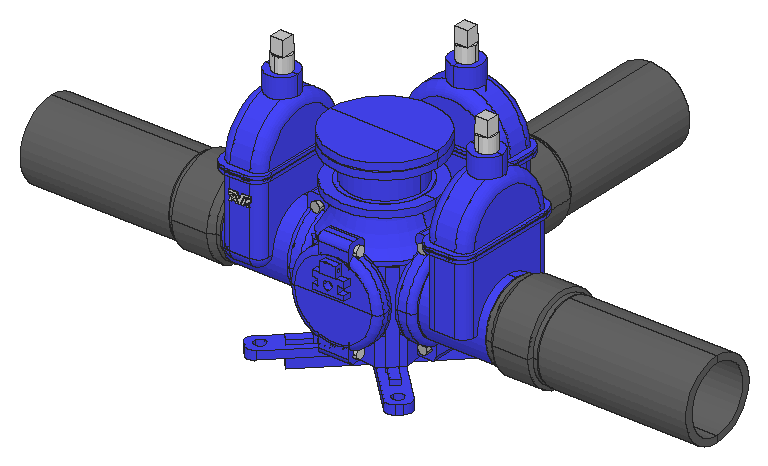
Revit family "18-01-010 DN150 Combicross with BL_CAP_D180", category Pipe Accessories, Revit 2022
Family settings
  Round Connector Dimension = Use Diameter
  Part Type = Valve - Breaks Into
  Work Plane-Based = No
  Always vertical = Yes
  Cut with Voids When Loaded = No
  Shared = No
Parameters (values of type "DN150_With BL_CAP_D180")
  test = 100 mm  # constant formula
  URL_product_pages = "https://www.avkvalves.com/P.aspx?no=1815001DDD894764"
  Search_table = "18-01-010 DN150 Combicross with BL_CAP_D180"
  Rib_dim2 = 510 mm * 0.04  # 20.4 mm
  Rib_dim1 = 55 mm * 0.2  # 11 mm
  Raised_dis = size_lookup(Search_table, "Raised_dis", 0 mm, DN)  # 3 mm
  Rib_dim3 = PCD * 0.45  # 180 mm
  PCD = 510 mm - 110 mm  # 400 mm
  L3 = size_lookup(Search_table, "L3", 0 mm, DN)  # 956 mm
  L = size_lookup(Search_table, "L", 0 mm, DN) / 2  # 770.5 mm
  Hole_dia = 26 mm / 2  # 13 mm
  H3-H1 = H3 - H1  # 401 mm
  H3 = size_lookup(Search_table, "H3", 0 mm, DN)  # 591 mm
  H1 = size_lookup(Search_table, "H1", 0 mm, DN)  # 190 mm
  FL_T = size_lookup(Search_table, "FL_T", 0 mm, DN)  # 16 mm
  Description_ = "COMBI-CROSS, PE PIPE ENDS, PN16"
  Default Elevation = 0 mm
  DN150_With BL_CAP_D180 = "18-150-01-DDD894764"
  DN = 150 mm
  Conn.3 = size_lookup(Search_table, "Conn.3", 0 mm, DN)  # 180 mm
  Conn.2 = size_lookup(Search_table, "Conn.2", 0 mm, DN)  # 180 mm
  Conn.1 = size_lookup(Search_table, "Conn.1", 0 mm, DN)  # 180 mm
  L4 = size_lookup(Search_table, "L4", 0 mm, DN)  # 344 mm
  Centre_Flange_OD = size_lookup(Search_table, "Centre_Flange_OD", 0 mm, DN) / 2  # 110 mm
  Centre_Bnt_H = size_lookup(Search_table, "Centre_Bnt_H", 0 mm, DN)  # 85 mm
  Centre_dis = size_lookup(Search_table, "Centre_dis", 0 mm, DN) / 2  # 125 mm
  Centre_B_H = size_lookup(Search_table, "Centre_B_H", 0 mm, DN)  # 188 mm
  C_to_connection = size_lookup(Search_table, "C_to_connection", 0 mm, DN)  # 125 mm
  C_FL_D = size_lookup(Search_table, "C_FL_D", 0 mm, DN) / 2  # 120 mm
  C_Bnt_OD = Bore * 1.25  # 93.75 mm
  Bore = DN / 2  # 75 mm
  Body_T = size_lookup(Search_table, "Body_T", 0 mm, DN)  # 9 mm
  Bnt_RR = Centre_dis * 0.85  # 106.25 mm
  55/2 = 55 mm / 2  # 27.5 mm
  510 = 510 mm / 2  # 255 mm
  35 = 35 mm  # constant formula
  320 = 320 mm / 2  # 160 mm
  30 = 30 mm  # constant formula
  20 = 20 mm  # constant formula
  2 = 2 mm  # constant formula
  185 = 185 mm  # constant formula
  15 = 15 mm  # constant formula
  10 = 10 mm  # constant formula
  1 = 150 mm  # constant formula
Reference planes
  plane 1 "Center (Front/Back)": y = 0
  plane 2: z = 0
  plane 3 "Center (Left/Right)": x = 0
  plane 4: through (0, 0, 1200) normal (-0.7071, 0.7071, 0)
  plane 5: through (0, 0, 1200) normal (-0.7071, -0.7071, 0)
  plane 6: z = 75
  plane 7: z = -75
  plane 8: z = 188
  plane 9: z = 172
  plane 10: x = -75
  plane 11: x = 75
  plane 12: x = -125
  plane 13: x = 125
  plane 14: z = 273
  plane 15: z = 270
  plane 16: z = 289
  plane 17: z = 401
  plane 18: x = -125
  plane 19: x = 125
  plane 20: y = 125
  plane 21: y = -125
  plane 22: through (124.616, -485.241, 1200) normal (0.7071, 0.7071, 0)
  plane 23: z = -190
  plane 24: z = -160
  plane 25: through (-593.135, 232.511, 1200) normal (0.7071, 0.7071, 0)
  plane 26: y = -75
  plane 27: x = -75
  plane 28: through (-126.931, 487.555, 1200) normal (0.7071, 0.7071, 0)
  plane 29: through (-400.771, -40.147, 1200) normal (-0.7071, 0.7071, 0)
  plane 30: through (-24.107, -384.732, 1200) normal (-0.7071, 0.7071, 0)
  plane 31: through (58.234, 97.33, 1200) normal (0.7071, 0.7071, 0)
  plane 32: through (-97.33, -58.234, 1200) normal (0.7071, 0.7071, 0)
  plane 33: through (58.234, -97.33, 1200) normal (-0.7071, 0.7071, 0)
  plane 34: through (-97.33, 58.234, 1200) normal (-0.7071, 0.7071, 0)
  plane 35: x = -770.5
  plane 36: x = 770.5
  plane 37: x = -426.5
  plane 38: z = -190
  plane 39: y = 770.5
  plane 40: y = -185.5
Forms (mm)
  Revolve 1, solid, material "Laminate, Blue, Matte"
    sketch origin (0, 0, -71.799) x (1, 0, 0) y (0, 0, 1)
      loop
        line (-125, 155.799) -> (-125, 146.799) -> (-75, 146.799) -> (-75, 243.799) -> (-84, 243.799)
        arc (-84, 243.799) -> (-96.418, 196.034) -> (-125, 155.799) r 136.586
      axis (0, 243.799) -> (0, 146.799)
    angle from 0 to 360
  Revolve 2, solid, material "Laminate, Blue, Matte"
    sketch origin (0, 0, 0) x (1, 0, 0) y (0, 0, 1)
      loop
        line (125, 270) -> (106.25, 270) -> (106.25, 273) -> (75, 273) -> (75, 188) -> (84, 188) -> (84, 254) -> (125, 254) -> (125, 270)
      axis (0, 273) -> (0, 188)
    angle from 0 to 360
  Extrusion 3, solid, material "Laminate, Blue, Matte"
    sketch origin (-442.62, -1524, 188) x (-1, 0, 0) y (0, -1, 0)
      loop
        circle (-442.62, -1524) r 93.75
      loop
        circle (-442.62, -1524) r 75
    from 0 to -16
  Revolve 4, solid, material "Laminate, Blue, Matte"
    sketch origin (0, 0, 0) x (1, 0, 0) y (0, 0, 1)
      loop
        line (-125, 289) -> (-125, 273) -> (0, 273) -> (0, 289) -> (-125, 289)
      axis (0, 273) -> (0, 289)
    angle from 0 to 360
  Revolve 5, solid, material "Laminate, Blue, Matte"
    sketch origin (0, 0, 0) x (1, 0, 0) y (0, 0, 1)
      loop
        line (0, 75) -> (-125, 75) -> (-125, -64)
        arc (-125, -64) -> (-119.142, -78.142) -> (-105, -84) r 20
        line (-105, -84) -> (0, -84) -> (0, 75)
      axis (0, 75) -> (0, -84)
    angle from 0 to 360
  Revolve 6, solid, material "Laminate, Blue, Matte"
    sketch origin (0, 0, 0) x (1, 0, 0) y (0, 0, 1)
      loop
        line (-120, 188) -> (-120, 172) -> (0, 172) -> (0, 188) -> (-120, 188)
      axis (0, 188) -> (0, 172)
    angle from 0 to 360
  Extrusion 7, solid, material "Laminate, Blue, Matte"
    sketch origin (0, 0, 0) x (1, 0, 0) y (0, 0, 1)
      loop
        circle (0, 0) r 75
    from -125 to 125
  Extrusion 8, solid, material "Laminate, Blue, Matte"
    sketch origin (0, 0, 0) x (0, 1, 0) y (0, 0, 1)
      loop
        circle (0, 0) r 75
    from -125 to 125
  Extrusion 9, solid, material "Laminate, Blue, Matte"
    sketch origin (-49.134, 0, 0) x (1, 0, 0) y (0, 1, 0)
      loop
        line (-136.481, -175.009) -> (-125.875, -185.616)
        arc (-125.875, -185.616) -> (-111.733, -191.473) -> (-97.59, -185.616) r 20
        line (-97.59, -185.616) -> (49.134, -38.891) -> (195.859, -185.616)
        arc (195.859, -185.616) -> (210.001, -191.473) -> (224.143, -185.616) r 20
        line (224.143, -185.616) -> (234.75, -175.009)
        arc (234.75, -175.009) -> (240.608, -160.867) -> (234.75, -146.725) r 20
        line (234.75, -146.725) -> (88.025, 0) -> (234.75, 146.725)
        arc (234.75, 146.725) -> (240.608, 160.867) -> (234.75, 175.009) r 20
        line (234.75, 175.009) -> (224.143, 185.616)
        arc (224.143, 185.616) -> (210.001, 191.473) -> (195.859, 185.616) r 20
        line (195.859, 185.616) -> (49.134, 38.891) -> (-97.59, 185.616)
        arc (-97.59, 185.616) -> (-111.733, 191.473) -> (-125.875, 185.616) r 20
        line (-125.875, 185.616) -> (-136.481, 175.009)
        arc (-136.481, 175.009) -> (-142.339, 160.867) -> (-136.481, 146.725) r 20
        line (-136.481, 146.725) -> (10.243, 0) -> (-136.481, -146.725)
        arc (-136.481, -146.725) -> (-142.339, -160.867) -> (-136.481, -175.009) r 20
      loop
        circle (-110.866, -160) r 13
      loop
        circle (209.134, 160) r 13
      loop
        circle (209.134, -160) r 13
      loop
        circle (-110.866, 160) r 13
    from -140 to -160
  Extrusion 10, solid, material "Laminate, Blue, Matte"
    sketch origin (-49.134, 0, 0) x (1, 0, 0) y (0, 1, 0)
      loop
        arc (-14.397, 105.957) -> (-38.375, 87.56) -> (-57.238, 63.946) r 125
        arc (-57.238, 63.946) -> (-51.47, 0.031) -> (-57.181, -63.889) r 358.772
        arc (-57.181, -63.889) -> (-38.3, -87.489) -> (-14.306, -105.867) r 125
        arc (-14.306, -105.867) -> (49.049, -99.923) -> (112.418, -105.711) r 345.161
        arc (112.418, -105.711) -> (136.834, -87.871) -> (156.251, -64.69) r 125
        arc (156.251, -64.69) -> (148.979, -0.039) -> (156.18, 64.619) r 292.468
        arc (156.18, 64.619) -> (137.545, 88.412) -> (113.745, 107.038) r 125
        arc (113.745, 107.038) -> (49.784, 93.453) -> (-14.397, 105.957) r 163.88
    from -135 to 0
  Extrusion 11, solid, material "Laminate, Blue, Matte"
    sketch origin (-49.134, 0, 0) x (1, 0, 0) y (0, 1, 0)
      loop
        line (49.134, 14.142) -> (-71.074, 134.35) -> (-85.216, 120.208) -> (34.992, 0) -> (-85.216, -120.208) -> (-71.074, -134.35) -> (49.134, -14.142) -> (169.342, -134.35) -> (183.484, -120.208) -> (63.276, 0) -> (183.484, 120.208) -> (169.342, 134.35) -> (49.134, 14.142)
    from -130 to -190
  Extrusion 12, solid, material "Laminate, Blue, Matte"
    sketch origin (-49.134, 0, 0) x (1, 0, 0) y (0, 1, 0)
      loop
        line (104.713, 71.135) -> (120.269, 55.579) -> (149.119, 84.429) -> (133.563, 99.985) -> (104.713, 71.135)
      loop
        line (-50.851, -84.429) -> (-35.294, -99.985) -> (-6.444, -71.135) -> (-22.001, -55.579) -> (-50.851, -84.429)
      loop
        line (149.119, -84.429) -> (120.269, -55.579) -> (104.713, -71.135) -> (133.563, -99.985) -> (149.119, -84.429)
      loop
        line (-6.444, 71.135) -> (-35.294, 99.985) -> (-50.851, 84.429) -> (-22.001, 55.579) -> (-6.444, 71.135)
    from -160 to 75
  Revolve 13, solid, material "Laminate, Blue, Matte"
    sketch origin (-49.134, 0, 0) x (1, 0, 0) y (0, 1, 0)
      loop
        line (49.134, -102.565) -> (49.134, -147.435) -> (138.134, -147.435)
        arc (138.134, -147.435) -> (148.741, -143.042) -> (153.134, -132.435) r 15
        line (153.134, -132.435) -> (153.134, -117.565)
        arc (153.134, -117.565) -> (148.741, -106.958) -> (138.134, -102.565) r 15
        line (138.134, -102.565) -> (49.134, -102.565)
      axis (49.134, -102.565) -> (49.134, -147.435)
    angle from 0 to 360
  Extrusion 14, solid, material "Laminate, Blue, Matte"
    sketch origin (0, 0, 0) x (0, 1, 0) y (0, 0, 1)
      loop
        line (-147.217, 75) -> (-102.217, 75) -> (-102.217, 111)
        arc (-102.217, 111) -> (-106.611, 121.607) -> (-117.217, 126) r 15
        line (-117.217, 126) -> (-132.217, 126)
        arc (-132.217, 126) -> (-142.824, 121.607) -> (-147.217, 111) r 15
        line (-147.217, 111) -> (-147.217, 75)
      loop
        line (-147.217, -75) -> (-147.217, -111)
        arc (-147.217, -111) -> (-142.824, -121.607) -> (-132.217, -126) r 15
        line (-132.217, -126) -> (-117.217, -126)
        arc (-117.217, -126) -> (-106.611, -121.607) -> (-102.217, -111) r 15
        line (-102.217, -111) -> (-102.217, -75) -> (-147.217, -75)
    from -35 to 35
  Extrusion 15, solid, material "Default New Material(1)"
    sketch origin (0, 0, 0) x (0, 1, 0) y (0, 0, 1)
      loop
        circle (-125.169, 105.693) r 11
      loop
        circle (-125.169, -105.693) r 11
    from -45 to 45
  Extrusion 16, solid, material "Laminate, Blue, Matte"
    sketch origin (0, 0, 0) x (1, 0, 0) y (0, 0, 1)
      loop
        line (-36.926, 57.003) -> (-36.926, 43.223) -> (-23.245, 43.223) -> (-23.245, 28.223) -> (-36.926, 28.223) -> (-36.926, 17.003) -> (36.926, 17.003) -> (36.926, 28.223) -> (23.245, 28.223) -> (23.245, 43.223) -> (36.926, 43.223) -> (36.926, 57.003) -> (-36.926, 57.003)
      loop
        circle (0, 36.333) r 10
    from 147.217 to 162.277
  Extrusion 17, solid, material "Laminate, Blue, Matte"
    sketch origin (0, 0, 0) x (0, 1, 0) y (0, 0, 1)
      loop
        line (-147.717, 57.003) -> (-147.717, 82.003) -> (-162.717, 82.003) -> (-162.717, 57.003) -> (-147.717, 57.003)
      loop
        circle (-155.536, 70.575) r 5
    from -18.224 to 18.224
Dimensions and locks
  equal spacing: plane 6, level, plane 7
  "Bore": plane 6 to level
  "Centre_B_H": plane 8 to level
  "FL_T": plane 8 to plane 9
  equal spacing: plane 11, plane 3 "Center (Left/Right)", plane 10
  "Bore": plane 3 "Center (Left/Right)" to plane 10
  "Body_T": plane 10 to Revolve 1 sketch curve
  equal spacing: plane 13, plane 3 "Center (Left/Right)", plane 12
  "Centre_dis": plane 3 "Center (Left/Right)" to plane 12
  "Centre_Bnt_H": plane 8 to plane 14
  "Raised_dis": Revolve 2 sketch curve to plane 14
  "Body_T": Revolve 2 sketch curve to plane 11
  "Raised_dis": plane 15 to plane 14
  "FL_T": Revolve 2 sketch curve to plane 15
  "Bnt_RR": Revolve 2 sketch curve to plane 3 "Center (Left/Right)"
  equal spacing: Extrusion 3 sketch curve, plane 3 "Center (Left/Right)", Extrusion 3 sketch curve  (x2)
  equal spacing: Extrusion 3 sketch curve, plane 1 "Center (Front/Back)", Extrusion 3 sketch curve  (x2)
  "FL_T": plane 16 to plane 14
  "H3-H1": plane 17 to level
  "Body_T": plane 7 to Revolve 5 sketch curve
  "C_FL_D": plane 3 "Center (Left/Right)" to Revolve 6 sketch curve
  equal spacing: Extrusion 7 sketch curve, plane 3 "Center (Left/Right)", Extrusion 7 sketch curve
  equal spacing: Extrusion 7 sketch curve, level, Extrusion 7 sketch curve
  equal spacing: Extrusion 7, plane 1 "Center (Front/Back)", Extrusion 7
  "C_to_connection": Extrusion 7 to plane 1 "Center (Front/Back)"
  equal spacing: plane 19, plane 3 "Center (Left/Right)", plane 18
  "C_to_connection": plane 3 "Center (Left/Right)" to plane 18
  equal spacing: Extrusion 8 sketch curve, plane 1 "Center (Front/Back)", Extrusion 8 sketch curve
  equal spacing: Extrusion 8 sketch curve, level, Extrusion 8 sketch curve
  equal spacing: Extrusion 8, plane 3 "Center (Left/Right)", Extrusion 8
  equal spacing: plane 20, plane 1 "Center (Front/Back)", plane 21
  "C_to_connection": plane 20 to plane 1 "Center (Front/Back)"
  equal spacing: Extrusion 9 sketch curve, plane 4, Extrusion 9 sketch curve
  "55/2": Extrusion 9 sketch curve to plane 4
  "510": plane 5 to Extrusion 9 sketch curve
  "510": plane 5 to plane 22
  "H1": level to plane 23
  "30": Extrusion 9 to plane 23
  "30": plane 24 to plane 23
  "20": Extrusion 9 to plane 24
  "510": plane 5 to plane 25
  "510": plane 28 to plane 5
  Extrusion 9 sketch curve to Extrusion 9 sketch curve = 55 mm
  "510": plane 29 to plane 4
  "510": plane 4 to plane 30
  "Body_T": Revolve 1 sketch curve to plane 6
  "Centre_Flange_OD": plane 31 to plane 5
  equal spacing: Extrusion 12 sketch curve, plane 4, Extrusion 12 sketch curve  (x2)
  "Rib_dim2": plane 31 to Extrusion 12 sketch curve
  "Rib_dim2": Extrusion 12 sketch curve to plane 31
  "Rib_dim1": Extrusion 12 sketch curve to plane 4
  equal spacing: Extrusion 12 sketch curve, plane 5, Extrusion 12 sketch curve  (x2)
  "Rib_dim2": Extrusion 12 sketch curve to plane 32
  "Rib_dim2": plane 33 to Extrusion 12 sketch curve
  "Rib_dim2": Extrusion 12 sketch curve to plane 33
  "Rib_dim2": plane 34 to Extrusion 12 sketch curve
  "Rib_dim1": Extrusion 12 sketch curve to plane 5
  "Rib_dim1": plane 5 to Extrusion 12 sketch curve
  equal spacing: Extrusion 9 sketch curve, plane 5, Extrusion 9 sketch curve
  "320": Extrusion 9 sketch curve to plane 3 "Center (Left/Right)"  (x2)
  "320": plane 3 "Center (Left/Right)" to Extrusion 9 sketch curve  (x2)
  equal spacing: Extrusion 11 sketch curve, plane 4, Extrusion 11 sketch curve  (x2)
  equal spacing: Extrusion 11 sketch curve, plane 5, Extrusion 11 sketch curve  (x2)
  "10": Extrusion 11 sketch curve to plane 5
  "10": plane 4 to Extrusion 11 sketch curve
  "Rib_dim3": Extrusion 11 sketch curve to plane 5
  "Rib_dim3": Extrusion 11 sketch curve to plane 4
  equal spacing: Extrusion 10 sketch curve, plane 5, Extrusion 10 sketch curve  (x2)
  "30": plane 5 to Extrusion 10 sketch curve
  equal spacing: Extrusion 10 sketch curve, plane 4, Extrusion 10 sketch curve  (x2)
  "30": Extrusion 10 sketch curve to plane 5
  "30": plane 4 to Extrusion 10 sketch curve  (x2)
  "L": plane 3 "Center (Left/Right)" to plane 35
  "L": plane 3 "Center (Left/Right)" to plane 36
  "L4": plane 35 to plane 37
  "H1": level to plane 38
  "30": Extrusion 11 to plane 24
  plane 17 to plane 38 = 591 mm
  plane 35 to plane 36 = 1541 mm
  "L": plane 1 "Center (Front/Back)" to plane 39
  "L3": plane 39 to plane 40
  equal spacing: Revolve 13 sketch curve, plane 21, Revolve 13 sketch curve
  equal spacing: Extrusion 16 sketch curve, plane 3 "Center (Left/Right)", Extrusion 16 sketch curve  (x2)
  equal spacing: Extrusion 17, plane 3 "Center (Left/Right)", Extrusion 17
  "Bore": radius of Extrusion 3 sketch curve
  "C_Bnt_OD": radius of Extrusion 3 sketch curve
  "Bore": radius of Extrusion 7 sketch curve
  "Bore": radius of Extrusion 8 sketch curve
  "Hole_dia": radius of Extrusion 9 sketch curve  (x4)
  "20": radius of Extrusion 9 sketch curve  (x8)
  "Centre_dis": radius of Extrusion 10 sketch curve  (x4)
  aligned and locked: level to plane 2
  aligned and locked: Revolve 1 sketch curve to plane 3 "Center (Left/Right)"
  aligned and locked: Revolve 1 sketch curve to plane 6
  aligned and locked: plane 10 to Revolve 1 sketch curve
  aligned and locked: plane 9 to Revolve 1 sketch curve
  aligned and locked: Revolve 1 sketch curve to plane 12
  aligned and locked: Revolve 2 sketch curve to plane 3 "Center (Left/Right)"
  aligned and locked: plane 8 to Revolve 2 sketch curve
  aligned and locked: Revolve 2 sketch curve to plane 11
  aligned and locked: plane 14 to Revolve 2 sketch curve
  aligned and locked: plane 13 to Revolve 2 sketch curve
  aligned and locked: plane 8 to Extrusion 3
  aligned and locked: Extrusion 3 to plane 9
  aligned and locked: plane 16 to Revolve 4 sketch curve
  aligned and locked: plane 12 to Revolve 4 sketch curve
  aligned and locked: plane 14 to Revolve 4 sketch curve
  aligned and locked: Revolve 4 sketch curve to plane 3 "Center (Left/Right)"
  aligned and locked: Revolve 4 sketch curve to plane 16
  aligned and locked: plane 3 "Center (Left/Right)" to Revolve 5 sketch curve
  aligned and locked: plane 6 to Revolve 5 sketch curve
  aligned and locked: Revolve 5 sketch curve to plane 3 "Center (Left/Right)"
  aligned and locked: Revolve 6 sketch curve to plane 3 "Center (Left/Right)"  (x2)
  aligned and locked: Revolve 6 sketch curve to plane 8
  aligned and locked: plane 9 to Revolve 6 sketch curve
  aligned and locked: Extrusion 8 to plane 18
  aligned and locked: Extrusion 9 sketch curve to plane 22
  aligned and locked: level to Extrusion 10
  aligned and locked: Extrusion 9 sketch curve to plane 28
  aligned and locked: Extrusion 9 sketch curve to Extrusion 9 sketch curve  (x2)
  aligned and locked: plane 30 to Extrusion 9 sketch curve
  aligned and locked: Extrusion 9 sketch curve to plane 29
  aligned and locked: Extrusion 11 sketch curve to Extrusion 11 sketch curve  (x4)
  aligned and locked: Extrusion 12 sketch curve to Extrusion 12 sketch curve  (x4)
  aligned and locked: Extrusion 12 to plane 24
  aligned and locked: plane 6 to Extrusion 12
  aligned and locked: plane 18 to nested 1
  aligned and locked: plane 20 to nested 2
  aligned and locked: Extrusion 11 to plane 38
  aligned and locked: Revolve 13 sketch curve to plane 3 "Center (Left/Right)"
  aligned and locked: nested 2 to Extrusion 14 sketch curve
  aligned and locked: Extrusion 14 to nested 2
  aligned and locked: nested 2 to Extrusion 14
  aligned and locked: Extrusion 15 to nested 2  (x2)
  aligned and locked: Extrusion 16 sketch curve to Extrusion 16 sketch curve  (x2)
  aligned and locked: Extrusion 14 to Extrusion 16
  aligned and locked: Extrusion 16 to Extrusion 17 sketch curve
  aligned and locked: nested 3 to plane 1 "Center (Front/Back)"
  aligned and locked: nested 3 to plane 19
Automatic sketch dimensions
  Revolve 4 sketch curve to plane 3 "Center (Left/Right)" = 0 mm
  plane 16 to Revolve 4 sketch curve = 85 mm
  Revolve 13 sketch curve to plane 3 "Center (Left/Right)" = 0 mm
  plane 11 to Revolve 13 sketch curve = 14 mm  (x2)
  Revolve 13 sketch curve to plane 21 = 7.435 mm
  Revolve 13 sketch curve to plane 40 = 40 mm
  Revolve 13 sketch curve to Revolve 13 sketch curve = 40 mm
  Revolve 13 sketch curve to Revolve 13 sketch curve = 15 mm
  Extrusion 14 sketch curve to plane 6 = 0 mm
  Extrusion 14 sketch curve to plane 7 = 0 mm
  plane 21 to Extrusion 14 sketch curve = 22.217 mm  (x2)
  plane 21 to Extrusion 14 sketch curve = 7.217 mm  (x2)
  Extrusion 14 sketch curve to plane 21 = 7.783 mm  (x3)
  Extrusion 14 sketch curve to Extrusion 14 sketch curve = 15 mm
  Extrusion 14 sketch curve to plane 21 = 22.783 mm
  Extrusion 14 sketch curve to Extrusion 14 sketch curve = 36 mm
  plane 21 to Extrusion 15 sketch curve = 0.169 mm  (x2)
  Extrusion 15 sketch curve to plane 7 = 30.693 mm
  plane 6 to Extrusion 15 sketch curve = 30.693 mm
  Extrusion 16 sketch curve to plane 3 "Center (Left/Right)" = 0 mm
  Extrusion 16 sketch curve to plane 3 "Center (Left/Right)" = 23.245 mm
  Extrusion 16 sketch curve to Extrusion 16 sketch curve = 13.681 mm
  level to Extrusion 16 sketch curve = 17.003 mm
  Extrusion 16 sketch curve to Extrusion 16 sketch curve = 11.22 mm  (x2)
  Extrusion 16 sketch curve to Extrusion 16 sketch curve = 8.11 mm
  Extrusion 16 sketch curve to Extrusion 16 sketch curve = 15 mm  (x2)
  Extrusion 16 sketch curve to Extrusion 16 sketch curve = 13.78 mm
  plane 40 to Extrusion 17 sketch curve = 22.783 mm
  Extrusion 17 sketch curve to plane 6 = 4.425 mm
  Extrusion 17 sketch curve to Extrusion 17 sketch curve = 7.181 mm
  Extrusion 17 sketch curve to Extrusion 17 sketch curve = 15 mm
  plane 6 to Extrusion 17 sketch curve = 7.003 mm
  Revolve 1 sketch curve to plane 8 = 6.082 mm
  Revolve 1 sketch curve to plane 9 = 32.024 mm
  plane 8 to Revolve 1 sketch curve = 16.976 mm
  Revolve 2 sketch curve to plane 17 = 11.711 mm
  plane 17 to Revolve 2 sketch curve = 3.289 mm
  Revolve 5 sketch curve to plane 12 = 0 mm
  plane 12 to Revolve 5 sketch curve = 20 mm
  Revolve 5 sketch curve to Revolve 5 sketch curve = 31 mm
  Revolve 5 sketch curve to plane 9 = 15 mm
  Revolve 6 sketch curve to plane 9 = 20 mm
  Revolve 6 sketch curve to Revolve 6 sketch curve = 25 mm
  plane 1 "Center (Front/Back)" to Extrusion 9 sketch curve = 0 mm  (x2)
  Extrusion 9 sketch curve to plane 3 "Center (Left/Right)" = 0 mm  (x2)
  Extrusion 9 sketch curve to plane 5 = 0 mm
  Extrusion 9 sketch curve to plane 4 = 0 mm  (x2)
  plane 1 "Center (Front/Back)" to Extrusion 10 sketch curve = 0.129 mm
  Extrusion 10 sketch curve to plane 37 = 32.876 mm
  Extrusion 10 sketch curve to plane 3 "Center (Left/Right)" = 0.731 mm
  plane 3 "Center (Left/Right)" to Extrusion 10 sketch curve = 0.01 mm
  plane 3 "Center (Left/Right)" to Extrusion 10 sketch curve = 0.016 mm
  Extrusion 10 sketch curve to plane 1 "Center (Front/Back)" = 0.007 mm
  plane 3 "Center (Left/Right)" to Extrusion 10 sketch curve = 0.04 mm
  plane 3 "Center (Left/Right)" to Extrusion 10 sketch curve = 0.34 mm
  plane 3 "Center (Left/Right)" to Extrusion 10 sketch curve = 2.288 mm
  Extrusion 10 sketch curve to plane 1 "Center (Front/Back)" = 0.121 mm
  plane 13 to Extrusion 10 sketch curve = 267.313 mm
  Extrusion 10 sketch curve to plane 40 = 259.583 mm
  radius of Extrusion 15 sketch curve = 11 mm  (x2)
  radius of Extrusion 16 sketch curve = 10 mm
  radius of Extrusion 17 sketch curve = 5 mm
Nested families
  nested 1: "Gate valve DN150" at (-237, 0, 0), type "Gate valve DN150"
  nested 2: "Gate valve DN150" at (0, 237, 0) x (0, -1, 0) z (0, 0, 1), type "Gate valve DN150"
  nested 3: "Gate valve DN150" at (237, 0, 0) x (-1, 0, 0) z (0, 0, 1), type "Gate valve DN150"
Connectors
  piping at (-771, 0, 0), diameter 150, driven by "DN"
    settings: on nested 1, index 1, connector inside diameter 609.6 mm, connector length 0 mm, flow factor 0, pipe flow 0.0 L/s, pressure drop 0.0 Pa, fitting loss kfactor 0, connector angle 0.00°, fixture units 0, engagement length 0 mm, angle of deflection 0.00°, flow configuration 0, flow direction 0, fitting loss method 0, system type 7, joint type 0, gender type 0, connector reference index -1, connector utility 0, adjustable connector no, is connector primary yes, connector description ""
  piping at (771, 0, 0), diameter 150, driven by "DN"
    settings: on nested 3, index 2, connector inside diameter 609.6 mm, connector length 0 mm, flow factor 0, pipe flow 0.0 L/s, pressure drop 0.0 Pa, fitting loss kfactor 0, connector angle 0.00°, fixture units 0, engagement length 0 mm, angle of deflection 0.00°, flow configuration 0, flow direction 0, fitting loss method 0, system type 7, joint type 0, gender type 0, connector reference index -1, connector utility 0, adjustable connector no, is connector primary no, connector description ""
  piping at (0, 771, 0), diameter 150, driven by "DN"
    settings: on nested 2, index 3, connector inside diameter 609.6 mm, connector length 0 mm, flow factor 0, pipe flow 0.0 L/s, pressure drop 0.0 Pa, fitting loss kfactor 0, connector angle 0.00°, fixture units 0, engagement length 0 mm, angle of deflection 0.00°, flow configuration 0, flow direction 0, fitting loss method 0, system type 7, joint type 0, gender type 0, connector reference index -1, connector utility 0, adjustable connector no, is connector primary no, connector description ""
  piping at (0, -125, 0), diameter 150, driven by "DN"
    settings: on Extrusion 7, index 4, connector inside diameter 609.6 mm, connector length 0 mm, flow factor 0, pipe flow 0.0 L/s, pressure drop 0.0 Pa, fitting loss kfactor 0, connector angle 0.00°, fixture units 0, engagement length 0 mm, angle of deflection 0.00°, flow configuration 0, flow direction 0, fitting loss method 0, system type 7, joint type 0, gender type 0, connector reference index -1, connector utility 0, adjustable connector no, is connector primary no, connector description ""
Definition of nested family "Gate valve DN150"
  Parameters (values of type "Gate valve DN150")
    max_H = size_lookup(Search_table, "max_H", 0 mm, DN)  # 104 mm
    Width = size_lookup(Search_table, "Width", 0 mm, DN) / 2  # 23.5 mm
    Stem_Hole = 21.5 mm  # constant formula
    Stem_H = 47 mm  # constant formula
    Stem_F2 = 34 mm  # constant formula
    Stem_F1 = 30 mm / 2  # 15 mm
    Stem_F = 28 mm / 2  # 14 mm
    Search_table = "Gate valve"
    SctoF = size_lookup(Search_table, "SctoF", 0 mm, DN)  # 642 mm
    Polymer = (H33 - HH) * 0.95  # 94.05 mm
    PE_dis1 = PE_dis * 0.1  # 12 mm
    PE_dis = size_lookup(Search_table, "PE_dis", 0 mm, DN)  # 120 mm
    PE_dia1 = PE_dia * 0.9  # 89.1 mm
    PE_dia = size_lookup(Search_table, "PE_dia", 0 mm, DN) / 2  # 99 mm
    L4 = size_lookup(Search_table, "L4", 0 mm, DN)  # 344 mm
    L/2 = L * 0.5  # 770.5 mm
    L = size_lookup(Search_table, "L", 0 mm, DN)  # 1541 mm
    Inner_Width = size_lookup(Search_table, "Inner_Width", 0 mm, DN)  # 32.5 mm
    HH = size_lookup(Search_table, "HH", 0 mm, DN)  # 400 mm
    H33-HH = (H33 - HH)  # 99 mm
    H33 = size_lookup(Search_table, "H33", 0 mm, DN)  # 499 mm
    H3-H1 = H3 - H1  # 401 mm
    H3 = size_lookup(Search_table, "H3", 0 mm, DN)  # 591 mm
    H1 = size_lookup(Search_table, "H1", 0 mm, DN)  # 190 mm
    Default Elevation = 1219.2 mm
    DN = 150.1 mm
    D = size_lookup(Search_table, "D", 0 mm, DN) / 2  # 90 mm
    CtoSocket = size_lookup(Search_table, "CtoSocket", 0 mm, DN)  # 112 mm
    CtoFit = size_lookup(Search_table, "CtoFit", 0 mm, DN)  # 190 mm
    Clamp_width = size_lookup(Search_table, "Clamp_width", 0 mm, DN) / 2  # 126 mm
    Clamp_w_T = size_lookup(Search_table, "Clamp_w_T", 0 mm, DN)  # 11 mm
    Clamp_W_H = size_lookup(Search_table, "Clamp_W_H", 0 mm, DN)  # 35 mm
    Clamp_R = size_lookup(Search_table, "Clamp_R", 0 mm, DN)  # 85.5 mm
    Bore = DN / 2  # 75.05 mm
    Bont_dim2 = Stem_Hole * 1.7  # 36.55 mm
    Bont_R = size_lookup(Search_table, "Bont_R", 0 mm, DN)  # 35 mm
    Body_T = size_lookup(Search_table, "Body_T", 0 mm, DN)  # 9 mm
    Body_R = 25 mm  # constant formula
    Bnt_FL_W = size_lookup(Search_table, "Bnt_FL_W", 0 mm, DN) / 2  # 137 mm
    Bnt_FL_L = Bdy_W * 1.18  # 56.64 mm
    Bdy_W = size_lookup(Search_table, "Bdy_W", 0 mm, DN) / 2  # 48 mm
    Bdy_Rib_L = size_lookup(Search_table, "Bdy_Rib_L", 0 mm, DN) / 2  # 60 mm
    Bdy_OD_R = size_lookup(Search_table, "Bdy_OD_R", 0 mm, DN)  # 92 mm
    Bdy_L = size_lookup(Search_table, "Bdy_L", 0 mm, DN) / 2  # 122 mm
    Bdy_H = size_lookup(Search_table, "Bdy_H", 0 mm, DN)  # 172 mm
    Bdy_FL_T = size_lookup(Search_table, "Bdy_FL_T", 0 mm, DN)  # 7.5 mm
    5 = 10 mm  # constant formula
    1 = 1 mm  # constant formula
  Reference planes
    plane 1 "Center (Front/Back)": y = 0
    plane 2: z = 0
    plane 3 "Center (Left/Right)": x = 0
    plane 4: z = 75.05
    plane 5: z = -75.05
    plane 6: x = -534
    plane 7: x = 112
    plane 8: y = -122
    plane 9: y = -97
    plane 10: y = 122
    plane 11: y = 57
    plane 12: z = 172
    plane 13: z = 401
    plane 14: z = 367
    plane 15: z = 367
    plane 16: z = 367
    plane 17: x = -190
    plane 18: x = -70
    plane 19: y = 89.1
    plane 20: x = 48
    plane 21: z = 104
    plane 22: z = 104
    plane 23: y = 35
    plane 24: z = 90
  Forms (mm)
    Extrusion 1, solid
      sketch origin (0, 0, 0) x (1, 0, 0) y (0, 1, 0)
        loop
          line (-20, 15.981) -> (-20, -7.599) -> (20.031, -7.599) -> (20.031, 15.981) -> (-20, 15.981)
      from 0 to 3.871
    Revolve 2, solid
      sketch origin (0, 0, 0) x (1, 0, 0) y (0, 0, 1)
        loop
          line (-534, 90) -> (-534, 75.05) -> (-190, 75.05) -> (-190, 90) -> (-534, 90)
        axis (-534, 0) -> (-190, 0)
      angle from 0 to 360
    Extrusion 3, solid
      sketch origin (0, 0, 0) x (1, 0, 0) y (0, 1, 0)
        loop
          arc (-23, 122) -> (-40.678, 114.678) -> (-48, 97) r 25
          line (-48, 97) -> (-48, -97)
          arc (-48, -97) -> (-40.678, -114.678) -> (-23, -122) r 25
          line (-23, -122) -> (23, -122)
          arc (23, -122) -> (40.678, -114.678) -> (48, -97) r 25
          line (48, -97) -> (48, 97)
          arc (48, 97) -> (40.678, 114.678) -> (23, 122) r 25
          line (23, 122) -> (-23, 122)
      from 0 to 172
    Revolve 4, solid
      sketch origin (0, 0, 0) x (1, 0, 0) y (0, 1, 0)
        loop
          arc (-48, -97) -> (-40.678, -114.678) -> (-23, -122) r 25
          line (-23, -122) -> (23, -122)
          arc (23, -122) -> (40.678, -114.678) -> (48, -97) r 25
          line (48, -97) -> (-48, -97)
        axis (-48, -97) -> (48, -97)
      angle from 0 to 360
    Revolve 5, solid
      sketch origin (0, 0, 0) x (1, 0, 0) y (0, 1, 0)
        loop
          line (-48, 57) -> (48, 57)
          arc (48, 57) -> (40.494, 74.333) -> (23.006, 81.468) r 25
          line (23.006, 81.468) -> (-23.006, 81.468)
          arc (-23.006, 81.468) -> (-40.494, 74.333) -> (-48, 57) r 25
        axis (48, 57) -> (-48, 57)
      angle from 0 to 360
    Revolve 6, solid
      sketch origin (-493.771, -4572, 172) x (-1, 0, 0) y (0, -1, 0)
        loop
          arc (-470.771, -4694) -> (-453.093, -4686.678) -> (-445.771, -4669) r 25
          line (-445.771, -4669) -> (-445.771, -4572) -> (-541.771, -4572) -> (-541.771, -4669)
          arc (-541.771, -4669) -> (-534.449, -4686.678) -> (-516.771, -4694) r 25
          line (-516.771, -4694) -> (-470.771, -4694)
        axis (-445.771, -4572) -> (-541.771, -4572)
      angle from 0 to -180
    Extrusion 7, solid
      sketch origin (-493.771, -4572, 172) x (-1, 0, 0) y (0, -1, 0)
        loop
          arc (-472.131, -4709) -> (-447.382, -4698.749) -> (-437.131, -4674) r 35
          line (-437.131, -4674) -> (-437.131, -4470)
          arc (-437.131, -4470) -> (-447.382, -4445.251) -> (-472.131, -4435) r 35
          line (-472.131, -4435) -> (-515.411, -4435)
          arc (-515.411, -4435) -> (-540.16, -4445.251) -> (-550.411, -4470) r 35
          line (-550.411, -4470) -> (-550.411, -4674)
          arc (-550.411, -4674) -> (-540.16, -4698.749) -> (-515.411, -4709) r 35
          line (-515.411, -4709) -> (-472.131, -4709)
      from -7.5 to 7.5
    Sweep 8, void
      path in 3D
        loop
          arc (21.64, -137, 179.5) -> (46.389, -126.749, 179.5) -> (56.64, -102, 179.5) r 35
          line (56.64, -102, 179.5) -> (56.64, 102, 179.5)
          arc (56.64, 102, 179.5) -> (46.389, 126.749, 179.5) -> (21.64, 137, 179.5) r 35
          line (21.64, 137, 179.5) -> (-21.64, 137, 179.5)
          arc (-21.64, 137, 179.5) -> (-46.389, 126.749, 179.5) -> (-56.64, 102, 179.5) r 35
          line (-56.64, 102, 179.5) -> (-56.64, -102, 179.5)
          arc (-56.64, -102, 179.5) -> (-46.389, -126.749, 179.5) -> (-21.64, -137, 179.5) r 35
          line (-21.64, -137, 179.5) -> (21.64, -137, 179.5)
      profile origin (0, -137, 179.5) x (0, 1, 0) y (0, 0, 1)
        loop
          circle (0, -7.5) r 1
    Revolve 9, solid
      sketch origin (0, 0, 0) x (0, 1, 0) y (0, 0, 1)
        loop
          line (0, 367) -> (-21.5, 367) -> (-21.5, 172) -> (0, 172) -> (0, 367)
        axis (0, 367) -> (0, 172)
      angle from 0 to 360
    Revolve 10, solid
      sketch origin (0, 0, 0) x (1, 0, 0) y (0, 0, 1)
        loop
          line (0, 172) -> (36.55, 172) -> (36.55, 333) -> (0, 333) -> (0, 172)
        axis (0, 333) -> (0, 172)
      angle from 0 to 360
    Blend 11, solid
      base sketch origin (-122.707, -4572, 367) x (-1, 0, 0) y (0, -1, 0)
        loop
          line (-108.707, -4586) -> (-108.707, -4558) -> (-136.707, -4558) -> (-136.707, -4586) -> (-108.707, -4586)
      top sketch origin (-122.707, -4572, 367) x (-1, 0, 0) y (0, -1, 0)
        loop
          line (-107.707, -4587) -> (-107.707, -4557) -> (-137.707, -4557) -> (-137.707, -4587) -> (-107.707, -4587)
      from 34 to 0
    Extrusion 12, solid
      sketch origin (0, 0, 0) x (1, 0, 0) y (0, 0, 1)
        loop
          line (-23.918, 121.947) -> (-23.918, 117.676) -> (-18.918, 117.676) -> (-23.918, 105.451) -> (-18.918, 105.451) -> (-17.873, 108.008) -> (-10.679, 108.008) -> (-8.889, 105.451) -> (-3.889, 105.451) -> (-11.233, 121.947) -> (-23.918, 121.947)
        loop
          line (-16.916, 112.498) -> (-12.014, 112.498) -> (-14.569, 118.237) -> (-16.916, 112.498)
        loop
          line (-23.918, 128.673) -> (-23.918, 123.673) -> (-9.985, 123.673) -> (-1.872, 105.451) -> (2.613, 105.451) -> (10.066, 123.673) -> (25.066, 123.673) -> (25.066, 128.673) -> (6.51, 128.673) -> (0, 112.756) -> (-5.793, 128.673) -> (-23.918, 128.673)
        loop
          line (11.596, 122.277) -> (4.714, 105.451) -> (9.714, 105.451) -> (12.401, 112.021) -> (17.001, 105.451) -> (23.155, 105.451) -> (17.448, 112.498)
          arc (17.448, 112.498) -> (20.917, 114.148) -> (23.144, 117.277) r 7.64
          line (23.144, 117.277) -> (25.066, 117.277) -> (25.066, 122.277) -> (19.932, 122.277) -> (19.583, 120.533)
          arc (19.583, 120.533) -> (17.625, 117.294) -> (14.05, 116.053) r 5.574
          line (14.05, 116.053) -> (16.596, 122.277) -> (11.596, 122.277)
      from 122 to 123
    Revolve 13, solid
      sketch origin (0, 0, 0) x (1, 0, 0) y (0, 1, 0)
        loop
          line (-174.915, 99) -> (-178, 90.1) -> (-190, 90.1) -> (-190, 57) -> (-70, 57) -> (-70, 90.1) -> (-82, 90.1) -> (-94.4, 99) -> (-174.915, 99)
        axis (-190, 0) -> (-70, 0)
      angle from 0 to 360
    Revolve 14, solid
      sketch origin (0, 0, 0) x (1, 0, 0) y (0, 0, 1)
        loop
          line (-56, 75.05) -> (-70, 75.05) -> (-70, 0) -> (-56, 0) -> (-56, 75.05)
        axis (-70, 0) -> (-56, 0)
      angle from 0 to 360
    Revolve 15, solid
      sketch origin (0, 0, 0) x (1, 0, 0) y (0, 1, 0)
        loop
          line (135.5, 75.05) -> (135.5, 90)
          arc (135.5, 90) -> (131.399, 99.899) -> (121.5, 104) r 14
          line (121.5, 104) -> (102.5, 104)
          arc (102.5, 104) -> (92.601, 99.899) -> (88.5, 90) r 14
          line (88.5, 90) -> (88.5, 75.05) -> (135.5, 75.05)
        axis (88.5, 0) -> (135.5, 0)
      angle from 0 to 360
    Extrusion 16, solid
      sketch origin (0, 0, 0) x (1, 0, 0) y (0, 0, 1)
        loop
          arc (98.5, 126) -> (91.429, 123.071) -> (88.5, 116) r 10
          line (88.5, 116) -> (88.5, 90) -> (135.5, 90) -> (135.5, 116)
          arc (135.5, 116) -> (132.571, 123.071) -> (125.5, 126) r 10
          line (125.5, 126) -> (98.5, 126)
        loop
          line (88.5, -90) -> (88.5, -116)
          arc (88.5, -116) -> (91.429, -123.071) -> (98.5, -126) r 10
          line (98.5, -126) -> (125.5, -126)
          arc (125.5, -126) -> (132.571, -123.071) -> (135.5, -116) r 10
          line (135.5, -116) -> (135.5, -90) -> (88.5, -90)
      from -35 to 35
    Extrusion 17, solid
      sketch origin (0, 0, 0) x (1, 0, 0) y (0, 0, 1)
        loop
          circle (113.499, 104) r 10.75
        loop
          circle (112, -104) r 10.75
      from -45 to 45
    Extrusion 18, solid
      sketch origin (112, -4572, 279.192) x (0, 0, 1) y (0, -1, 0)
        loop
          circle (-279.192, -4572) r 75.05
        loop
          circle (-279.192, -4572) r 89.1
      from -182 to 0
  Cuts and joins
    Sweep 8 cuts Extrusion 7
  Lines and regions (mm)
    sketch lines
      curve 1: line (-21.64, -137, 179.5) -> (21.64, -137, 179.5)
      curve 2: arc (-21.64, -137, 179.5) -> (-46.389, -126.749, 179.5) -> (-56.64, -102, 179.5) r 35
      curve 3: arc (56.64, -102, 179.5) -> (46.389, -126.749, 179.5) -> (21.64, -137, 179.5) r 35
      curve 4: line (56.64, -102, 179.5) -> (56.64, 102, 179.5)
      curve 5: arc (21.64, 137, 179.5) -> (46.389, 126.749, 179.5) -> (56.64, 102, 179.5) r 35
      curve 6: line (21.64, 137, 179.5) -> (-21.64, 137, 179.5)
      curve 7: line (-56.64, 102, 179.5) -> (-56.64, -102, 179.5)
      curve 8: arc (-56.64, 102, 179.5) -> (-46.389, 126.749, 179.5) -> (-21.64, 137, 179.5) r 35
  Dimensions and locks
    equal spacing: plane 4, level, plane 5
    "Bore": plane 4 to level
    equal spacing: Extrusion 3 sketch curve, plane 3 "Center (Left/Right)", Extrusion 3 sketch curve
    equal spacing: Extrusion 3 sketch curve, plane 1 "Center (Front/Back)", Extrusion 3 sketch curve
    "Bdy_W": Extrusion 3 sketch curve to plane 3 "Center (Left/Right)"
    "Bdy_L": plane 1 "Center (Front/Back)" to Extrusion 3 sketch curve
    "Bdy_L": plane 8 to plane 1 "Center (Front/Back)"
    "Body_R": plane 9 to plane 8
    "Bdy_L": plane 1 "Center (Front/Back)" to plane 10
    "CtoSocket": plane 7 to plane 3 "Center (Left/Right)"
    "Bdy_H": plane 12 to level
    equal spacing: Revolve 6 sketch curve, plane 3 "Center (Left/Right)", Revolve 6 sketch curve
    "Bdy_L": plane 1 "Center (Front/Back)" to Revolve 6 sketch curve
    "Bdy_W": Revolve 6 sketch curve to plane 3 "Center (Left/Right)"
    equal spacing: Extrusion 7 sketch curve, plane 3 "Center (Left/Right)", Extrusion 7 sketch curve
    equal spacing: Extrusion 7 sketch curve, plane 1 "Center (Front/Back)", Extrusion 7 sketch curve
    "Bnt_FL_W": plane 1 "Center (Front/Back)" to Extrusion 7 sketch curve
    "Bnt_FL_L": plane 3 "Center (Left/Right)" to Extrusion 7 sketch curve
    equal spacing: Extrusion 7, plane 12, Extrusion 7
    "Bdy_FL_T": Extrusion 7 to plane 12
    "1": Sweep 8 sketch curve to plane 12
    "Bnt_FL_W": plane 1 "Center (Front/Back)" to Sweep 8 sketch curve
    "H3-H1": plane 13 to level
    "Stem_Hole": plane 1 "Center (Front/Back)" to Revolve 9 sketch curve
    "Stem_F2": plane 13 to plane 14
    "Bont_dim2": Revolve 10 sketch curve to plane 3 "Center (Left/Right)"
    "Stem_F2": plane 13 to plane 15
    "Stem_F2": plane 15 to Revolve 10 sketch curve
    "Stem_F2": plane 13 to plane 16
    equal spacing: Blend 11 sketch curve, plane 3 "Center (Left/Right)", Blend 11 sketch curve  (x2)
    equal spacing: Blend 11 sketch curve, plane 1 "Center (Front/Back)", Blend 11 sketch curve  (x2)
    "Stem_F": plane 3 "Center (Left/Right)" to Blend 11 sketch curve
    "Stem_F": plane 1 "Center (Front/Back)" to Blend 11 sketch curve
    "Stem_F1": plane 1 "Center (Front/Back)" to Blend 11 sketch curve
    "Stem_F1": plane 3 "Center (Left/Right)" to Blend 11 sketch curve
    "Bdy_L": plane 1 "Center (Front/Back)" to Extrusion 12
    "1": plane 8 to Extrusion 12
    "CtoFit": plane 3 "Center (Left/Right)" to plane 17
    "L4": plane 17 to plane 6
    "PE_dis": plane 18 to plane 17
    "PE_dia": plane 1 "Center (Front/Back)" to Revolve 13 sketch curve
    "PE_dia1": plane 1 "Center (Front/Back)" to plane 19
    "1": Revolve 13 sketch curve to plane 19
    "PE_dis1": plane 17 to Revolve 13 sketch curve
    "PE_dis1": Revolve 13 sketch curve to plane 18
    "Bdy_W": plane 20 to plane 3 "Center (Left/Right)"
    "Bore": level to Revolve 14 sketch curve
    "Stem_F": Revolve 14 sketch curve to plane 18
    "Bdy_W": Revolve 5 sketch curve to plane 3 "Center (Left/Right)"
    "Bdy_W": plane 3 "Center (Left/Right)" to Revolve 5 sketch curve
    plane 3 "Center (Left/Right)" to plane 18 = 70 mm
    "max_H": plane 1 "Center (Front/Back)" to Revolve 15 sketch curve
    equal spacing: Revolve 15 sketch curve, plane 7, Revolve 15 sketch curve
    "Width": Revolve 15 sketch curve to plane 7
    "Bore": plane 1 "Center (Front/Back)" to Revolve 15 sketch curve
    equal spacing: Extrusion 16 sketch curve, plane 7, Extrusion 16 sketch curve  (x2)
    "Width": Extrusion 16 sketch curve to plane 7  (x2)
    equal spacing: Extrusion 16 sketch curve, level, Extrusion 16 sketch curve  (x2)
    "max_H": plane 21 to level
    "Stem_F": plane 21 to Extrusion 16 sketch curve
    "Clamp_width": level to Extrusion 16 sketch curve
    equal spacing: Extrusion 16, plane 1 "Center (Front/Back)", Extrusion 16
    "Clamp_W_H": Extrusion 16 to plane 1 "Center (Front/Back)"
    equal spacing: Extrusion 17 sketch curve, level, Extrusion 17 sketch curve
    "max_H": plane 22 to level
    "max_H": level to Extrusion 17 sketch curve
    equal spacing: Extrusion 17, plane 1 "Center (Front/Back)", Extrusion 17
    "Clamp_W_H": plane 23 to plane 1 "Center (Front/Back)"
    "5": Extrusion 17 to plane 23
    equal spacing: Extrusion 18 sketch curve, plane 1 "Center (Front/Back)", Extrusion 18 sketch curve  (x2)
    equal spacing: Extrusion 18 sketch curve, level, Extrusion 18 sketch curve  (x2)
    "D": plane 24 to level
    "Body_R": radius of Extrusion 3 sketch curve  (x4)
    "Body_R": radius of Revolve 6 sketch curve  (x2)
    "Bont_R": radius of Extrusion 7 sketch curve  (x4)
    "1": radius of Sweep 8 sketch curve
    "Body_R": radius of Revolve 5 sketch curve  (x2)
    "Stem_F": radius of Revolve 15 sketch curve  (x2)
    "5": radius of Extrusion 16 sketch curve  (x4)
    "Stem_Hole": diameter of Extrusion 17 sketch curve  (x2)
    "Bore": radius of Extrusion 18 sketch curve
    "PE_dia1": radius of Extrusion 18 sketch curve
    aligned and locked: plane 2 to Extrusion 1
    aligned and locked: level to Extrusion 1
    aligned and locked: Revolve 2 to plane 6
    aligned and locked: Extrusion 3 to level
    aligned and locked: Revolve 4 sketch curve to Extrusion 3  (x3)
    aligned and locked: Revolve 4 sketch curve to plane 9
    aligned and locked: Revolve 5 sketch curve to plane 11  (x2)
    aligned and locked: plane 12 to Extrusion 3
    aligned and locked: Revolve 6 sketch curve to plane 1 "Center (Front/Back)"
    aligned and locked: plane 1 "Center (Front/Back)" to Revolve 6 sketch curve
    aligned and locked: Revolve 9 sketch curve to plane 1 "Center (Front/Back)"
    aligned and locked: plane 14 to Revolve 9 sketch curve
    aligned and locked: Revolve 9 sketch curve to plane 12
    aligned and locked: Revolve 9 sketch curve to Revolve 9 sketch curve
    aligned and locked: plane 3 "Center (Left/Right)" to Revolve 10 sketch curve
    aligned and locked: plane 12 to Revolve 10 sketch curve
    aligned and locked: Revolve 10 sketch curve to plane 3 "Center (Left/Right)"
    aligned and locked: plane 13 to Blend 11
    aligned and locked: Blend 11 to plane 16
    aligned and locked: Revolve 2 to plane 17
    aligned and locked: Revolve 13 sketch curve to plane 17
    aligned and locked: Revolve 13 sketch curve to Revolve 2
    aligned and locked: Revolve 13 sketch curve to plane 11
    aligned and locked: Revolve 13 sketch curve to Revolve 13 sketch curve
    aligned and locked: level to Revolve 14 sketch curve
    aligned and locked: plane 18 to Revolve 14 sketch curve
    aligned and locked: Revolve 14 sketch curve to level
    aligned and locked: Revolve 13 to plane 18
    aligned and locked: plane 1 "Center (Front/Back)" to Revolve 15 sketch curve
    aligned and locked: Extrusion 18 to plane 18
    aligned and locked: plane 7 to Extrusion 18
    aligned and locked: Revolve 2 sketch curve to plane 24
  Automatic sketch dimensions
    Extrusion 1 sketch curve to Extrusion 1 sketch curve = 40.031 mm
    Extrusion 1 sketch curve to Extrusion 1 sketch curve = 23.58 mm
    Revolve 4 sketch curve to Revolve 4 sketch curve = 10 mm
    Revolve 4 sketch curve to Revolve 4 sketch curve = 30 mm
    Extrusion 12 sketch curve to plane 3 "Center (Left/Right)" = 0 mm
    Extrusion 12 sketch curve to plane 3 "Center (Left/Right)" = 1.872 mm
    Extrusion 12 sketch curve to Extrusion 12 sketch curve = 2.016 mm
    Extrusion 12 sketch curve to plane 3 "Center (Left/Right)" = 5.793 mm
    Extrusion 12 sketch curve to Extrusion 12 sketch curve = 5 mm  (x5)
    Extrusion 12 sketch curve to Extrusion 12 sketch curve = 4.192 mm
    Extrusion 12 sketch curve to Extrusion 12 sketch curve = 1.79 mm
    Extrusion 12 sketch curve to Extrusion 12 sketch curve = 1.248 mm
    Extrusion 12 sketch curve to Extrusion 12 sketch curve = 1.335 mm
    Extrusion 12 sketch curve to Extrusion 12 sketch curve = 3.336 mm
    Extrusion 12 sketch curve to Extrusion 12 sketch curve = 4.902 mm
    Extrusion 12 sketch curve to Extrusion 12 sketch curve = 0.956 mm
    Extrusion 12 sketch curve to Extrusion 12 sketch curve = 4.349 mm
    Extrusion 12 sketch curve to Extrusion 12 sketch curve = 1.046 mm
    Extrusion 12 sketch curve to Extrusion 12 sketch curve = 0 mm  (x6)
    plane 3 "Center (Left/Right)" to Extrusion 12 sketch curve = 2.613 mm
    plane 3 "Center (Left/Right)" to Extrusion 12 sketch curve = 6.51 mm
    Extrusion 12 sketch curve to Extrusion 12 sketch curve = 7.101 mm
    Extrusion 12 sketch curve to Extrusion 12 sketch curve = 3.556 mm
    Extrusion 12 sketch curve to Extrusion 12 sketch curve = 2.687 mm
    Extrusion 12 sketch curve to Extrusion 12 sketch curve = 1.649 mm
    Extrusion 12 sketch curve to Extrusion 12 sketch curve = 4.051 mm
    Extrusion 12 sketch curve to Extrusion 12 sketch curve = 1.888 mm
    Extrusion 12 sketch curve to Extrusion 12 sketch curve = 0.59 mm
    Extrusion 12 sketch curve to Extrusion 12 sketch curve = 7.287 mm
    Extrusion 12 sketch curve to Extrusion 12 sketch curve = 3.398 mm
    Extrusion 12 sketch curve to Extrusion 12 sketch curve = 2.987 mm
    Extrusion 12 sketch curve to Extrusion 12 sketch curve = 0.349 mm
    Extrusion 12 sketch curve to Extrusion 12 sketch curve = 3.561 mm
    Extrusion 12 sketch curve to Extrusion 12 sketch curve = 6.153 mm
    Extrusion 12 sketch curve to Extrusion 12 sketch curve = 1.922 mm
    plane 4 to Extrusion 12 sketch curve = 30.401 mm
    Extrusion 12 sketch curve to Extrusion 12 sketch curve = 2.557 mm
    Extrusion 12 sketch curve to Extrusion 12 sketch curve = 6.57 mm
    Extrusion 12 sketch curve to Extrusion 12 sketch curve = 4.49 mm
    Extrusion 12 sketch curve to Extrusion 12 sketch curve = 0.477 mm
    Extrusion 12 sketch curve to Extrusion 12 sketch curve = 7.305 mm
    Extrusion 12 sketch curve to Extrusion 12 sketch curve = 4.032 mm
    Extrusion 12 sketch curve to Extrusion 12 sketch curve = 4.779 mm
    Extrusion 12 sketch curve to Extrusion 12 sketch curve = 5.178 mm
    Extrusion 12 sketch curve to Extrusion 12 sketch curve = 0.561 mm
    Extrusion 12 sketch curve to Extrusion 12 sketch curve = 0.532 mm
    Extrusion 12 sketch curve to Extrusion 12 sketch curve = 4.271 mm
    Extrusion 12 sketch curve to Extrusion 12 sketch curve = 2.276 mm
    Extrusion 12 sketch curve to Extrusion 12 sketch curve = 1.744 mm
    Extrusion 12 sketch curve to Extrusion 12 sketch curve = 1.396 mm
    Extrusion 12 sketch curve to Extrusion 12 sketch curve = 1.726 mm
    Extrusion 12 sketch curve to Extrusion 12 sketch curve = 2.101 mm
    Extrusion 12 sketch curve to Extrusion 12 sketch curve = 1.53 mm
    Revolve 2 sketch curve to plane 4 = 0 mm
    Revolve 2 sketch curve to plane 6 = 0 mm
    Revolve 2 sketch curve to plane 17 = 0 mm
    Revolve 2 sketch curve to level = 0 mm
    plane 7 to Revolve 2 sketch curve = 31.302 mm
    Revolve 2 sketch curve to Revolve 2 sketch curve = 15 mm
    Revolve 5 sketch curve to plane 11 = 0.532 mm
    plane 18 to Revolve 5 sketch curve = 0.5 mm
    Revolve 5 sketch curve to Revolve 5 sketch curve = 2.506 mm
    plane 7 to Revolve 6 sketch curve = 80.2 mm
    Revolve 6 sketch curve to Revolve 6 sketch curve = 40 mm
    Revolve 9 sketch curve to plane 14 = 49 mm
    Revolve 9 sketch curve to plane 14 = 14 mm
    plane 13 to Revolve 10 sketch curve = 84.044 mm
    Revolve 10 sketch curve to Revolve 10 sketch curve = 35 mm
    Revolve 13 sketch curve to plane 17 = 0 mm
    Revolve 13 sketch curve to plane 18 = 0 mm
    Revolve 13 sketch curve to Revolve 13 sketch curve = 3.085 mm
    Revolve 13 sketch curve to Revolve 13 sketch curve = 12.4 mm
    Revolve 13 sketch curve to plane 3 "Center (Left/Right)" = 14 mm
    Revolve 14 sketch curve to Revolve 14 sketch curve = 3 mm
    Revolve 14 sketch curve to plane 3 "Center (Left/Right)" = 9 mm
    plane 7 to Revolve 15 sketch curve = 59 mm
    Revolve 15 sketch curve to Revolve 15 sketch curve = 35 mm
    Extrusion 17 sketch curve to plane 7 = 0 mm
    plane 7 to Extrusion 17 sketch curve = 1.499 mm
